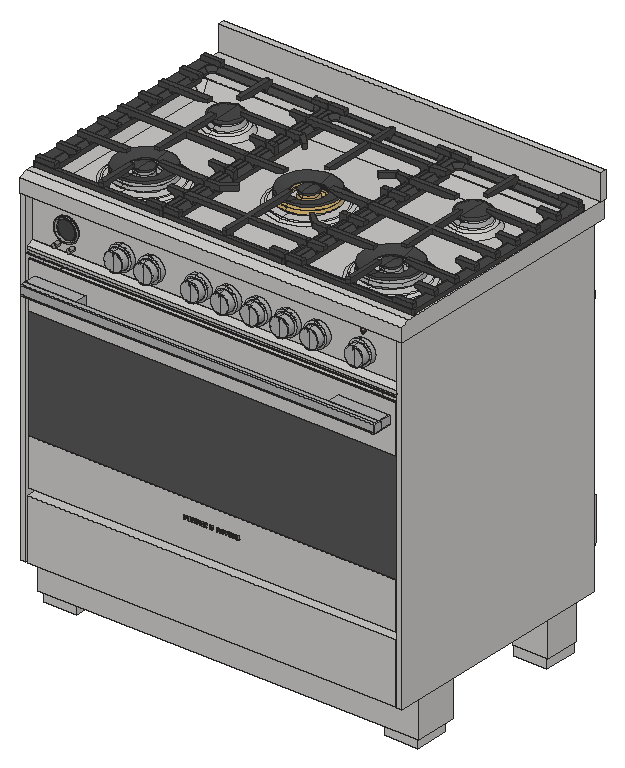
Revit family "FP_Revit_18_OR90SDG6X1_Range_90001043A", category Specialty Equipment, Revit 2018 (continued)
Definition of nested family "F&P Burner Dual Wok"
  Forms (mm)
    Revolve 2, solid, material <- "Material - Burners & Trivets", detail levels fine
      sketch origin (0, 0, 0) x (0, 1, 0) y (0, 0, 1)
        loop
          line (64.958, 44.616) -> (36.353, 36.951) -> (36.353, 34.652) -> (61.561, 40.01) -> (63.997, 40.01) -> (66.045, 40.559) -> (64.958, 44.616)
        loop
          line (0, 45.115) -> (0, 39.67) -> (21.2, 39.67) -> (21.2, 42.433)
          arc (21.2, 42.433) -> (10.684, 44.442) -> (0, 45.115) r 85.151
        axis (0, 45.115) -> (0, 34.652)
      angle from 0 to 360
    Extrusion 3, void
      sketch origin (0, 0, 0) x (1, 0, 0) y (0, 1, 0)
        loop
          arc (-31.085, 20.785) -> (-37.341, -1.988) -> (-28.703, -23.968) r 37.394
          line (-28.703, -23.968) -> (-19.571, -8.151)
          arc (-19.571, -8.151) -> (-20.975, 3.077) -> (-16.404, 13.429) r 21.2
          line (-16.404, 13.429) -> (-16.404, 15.447)
          arc (-16.404, 15.447) -> (-17.093, 17.364) -> (-18.844, 18.406) r 3.015
          line (-18.844, 18.406) -> (-31.085, 20.785)
        loop
          arc (-20.415, -31.33) -> (0, -37.394) -> (20.415, -31.33) r 37.394
          line (20.415, -31.33) -> (12.297, -17.269)
          arc (12.297, -17.269) -> (0, -21.2) -> (-12.297, -17.269) r 21.2
          line (-12.297, -17.269) -> (-20.415, -31.33)
        loop
          line (31.085, 20.785) -> (18.844, 18.406)
          arc (18.844, 18.406) -> (17.093, 17.364) -> (16.404, 15.447) r 3.015
          line (16.404, 15.447) -> (16.404, 13.429)
          arc (16.404, 13.429) -> (20.975, 3.077) -> (19.571, -8.151) r 21.2
          line (19.571, -8.151) -> (28.703, -23.968)
          arc (28.703, -23.968) -> (37.341, -1.988) -> (31.085, 20.785) r 37.394
      from 19.121 to 23.2
    Revolve 4, solid, material <- "Material - Burners & Trivets", detail levels coarse+medium
      sketch origin (0, 0, 0) x (0, 1, 0) y (0, 0, 1)
        loop
          line (-67.134, 45.199) -> (-67.134, 23.2) -> (-36.35, 23.2) -> (-36.35, 36.951) -> (-67.134, 45.199)
        loop
          line (-21.2, 42.433) -> (-21.2, 23.2) -> (0, 23.2) -> (0, 42.433) -> (-21.2, 42.433)
        axis (0, 45.199) -> (0, 23.2)
      angle from 0 to 360
  Cuts and joins
    Extrusion 3 cuts Revolve 2
    Extrusion 3 cuts Revolve 1
  Dimensions and locks
    aligned and locked: level to plane 2
Definition of nested family "F&P Burner Semi Rapid"
  Parameters (values of type "F&P Burner Semi Rapid")
    URL = "www.fisherpaykel.com"
    Material - Burners & Trivets = none
    Material - Body = none
    Manufacturer = "Fisher & Paykel Appliances"
  Reference planes
    plane 1 "Center (Front/Back)": y = 0
    plane 2: z = 0
    plane 3 "Center (Left/Right)": x = 0
  Forms (mm)
    Revolve 1, solid, material <- "Material - Burners & Trivets", detail levels fine
      sketch origin (0, 0, 0) x (0, 1, 0) y (0, 0, 1)
        loop
          line (0, 18.4) -> (0, 21.9) -> (-34.1, 21.9)
          arc (-34.1, 21.9) -> (-36.575, 20.875) -> (-37.6, 18.4) r 3.5
          line (-37.6, 18.4) -> (0, 18.4)
        axis (0, 21.9) -> (0, 18.4)
      angle from 0 to 360
    Revolve 2, solid, material <- "Material - Body", detail levels fine
      sketch origin (0, 0, 0) x (0, 1, 0) y (0, 0, 1)
        loop
          line (0, 18.4) -> (-31, 18.4) -> (-33.046, 11.4) -> (-35, 11.4) -> (-38, 3) -> (0, 3) -> (0, 18.4)
        axis (0, 18.4) -> (0, 3)
      angle from 0 to 360
    Extrusion 3, solid, material <- "Material - Burners & Trivets", detail levels coarse+medium
      sketch origin (0, 0, 0) x (1, 0, 0) y (0, 1, 0)
        loop
          circle (0, 0) r 38
      from 0 to 22
  Dimensions and locks
    aligned and locked: level to plane 2
Definition of nested family "F&P Dial Range Contemporary"
  Parameters (values of type "F&P Dial Range Contemporary")
    URL = "www.fisherpaykel.com"
    Material - Buttons and Dials = none
    Manufacturer = "Fisher & Paykel Appliances"
  Reference planes
    plane 1 "Center (Front/Back)": y = 0
    plane 2: z = 0
    plane 3 "Center (Left/Right)": x = 0
  Forms (mm)
    Revolve 1, solid, material <- "Material - Buttons and Dials", detail levels fine
      sketch origin (0, 0, 0) x (0, 1, 0) y (0, 0, 1)
        loop
          line (0, 0) -> (0, 27.732) -> (-10.5, 27.732) -> (-13, 24.291) -> (-13, 22) -> (-29.2, 22) -> (-30, 21.2) -> (-30, 0) -> (0, 0)
        axis (0, 0) -> (-30, 0)
      angle from 0 to 360
    Revolve 2, solid, material <- "Material - Buttons and Dials", detail levels coarse+medium
      sketch origin (0, 0, 0) x (0, 1, 0) y (0, 0, 1)
        loop
          line (-30, 0) -> (0, 0) -> (0, 27.732) -> (-13, 27.732) -> (-13, 22) -> (-30, 22) -> (-30, 0)
        axis (0, 0) -> (-30, 0)
      angle from 0 to 360
    Extrusion 3, void
      sketch origin (0, 0, 0) x (1, 0, 0) y (0, 1, 0)
        loop
          line (-1, -6) -> (-1, -13) -> (1, -13) -> (1, -6)
          arc (1, -6) -> (0, -5) -> (-1, -6) r 1
      from 27 to 28
    Extrusion 4, void
      sketch origin (0, 0, 0) x (1, 0, 0) y (0, 0, 1)
        loop
          line (-1, 19) -> (-1, 16)
          arc (-1, 16) -> (0, 15) -> (1, 16) r 1
          line (1, 16) -> (1, 19)
          arc (1, 19) -> (0, 20) -> (-1, 19) r 1
      from 29.2 to 30
  Cuts and joins
    Extrusion 3, Extrusion 4 cuts Revolve 1
  Dimensions and locks
    aligned and locked: level to plane 2
Definition of nested family "F&P Clock TFT Range"
  Parameters (values of type "F&P Clock TFT Range")
    URL = "www.fisherpaykel.com"
    Material - Display Panel = none
    Material - Buttons and Dials = none
    Manufacturer = "Fisher & Paykel Appliances"
  Reference planes
    plane 1 "Center (Front/Back)": y = 0
    plane 2: z = 0
    plane 3 "Center (Left/Right)": x = 0
  Forms (mm)
    Revolve 1, solid, material <- "Material - Buttons and Dials", detail levels fine
      sketch origin (0, 0, 0) x (0, 1, 0) y (0, 0, 1)
        loop
          line (0, 21.7) -> (0, 28.597) -> (-1.4, 28.597) -> (-1.4, 27.601) -> (-5.698, 26.843) -> (-5.698, 25.224) -> (-2.5, 21.7) -> (0, 21.7)
        axis (0, 0) -> (-5.698, 0)
      angle from 0 to 360
    Extrusion 2, solid, material <- "Material - Display Panel"
      sketch origin (0, 0, 0) x (1, 0, 0) y (0, 0, 1)
        loop
          circle (0, 0) r 21.7
      from 0 to 1.4
    Extrusion 3, solid, material <- "Material - Buttons and Dials", detail levels fine
      sketch origin (0, 0, 0) x (1, 0, 0) y (0, 0, 1)
        loop
          circle (-17, -33.5) r 2.5
        loop
          circle (17, -33.5) r 2.5
      from 0 to 4.3
    Extrusion 4, solid, material <- "Material - Buttons and Dials"
      sketch origin (0, 0, 0) x (1, 0, 0) y (0, 0, 1)
        loop
          circle (-17, -33.5) r 4.601
        loop
          circle (17, -33.5) r 4.601
      from 4.3 to 16.3
    Extrusion 5, solid, material <- "Material - Buttons and Dials", detail levels coarse+medium
      sketch origin (0, 0, 0) x (1, 0, 0) y (0, 0, 1)
        loop
          circle (0, 0) r 21.7
        loop
          circle (0, 0) r 26.843
      from 0 to 5.698
  Dimensions and locks
    aligned and locked: level to plane 2
Definition of nested family "F&P Trivet Range Classic 90"
  Parameters (values of type "F&P Trivet Range Classic 90")
    URL = "www.fisherpaykel.com"
    Material - Burners & Trivets = none
    Manufacturer = "Fisher & Paykel Appliances"
  Reference planes
    plane 1 "Center (Front/Back)": y = 0
    plane 2: z = 0
    plane 3 "Center (Left/Right)": x = 0
  Forms (mm)
    Extrusion 1, solid, material <- "Material - Burners & Trivets", detail levels medium+fine
      sketch origin (0, 0, 0) x (1, 0, 0) y (0, 1, 0)
        loop
          arc (-298.9, 251.75) -> (-301.728, 250.578) -> (-302.9, 247.75) r 4
          line (-302.9, 247.75) -> (-302.9, -247.75)
          arc (-302.9, -247.75) -> (-301.728, -250.578) -> (-298.9, -251.75) r 4
          line (-298.9, -251.75) -> (-4.9, -251.75)
          arc (-4.9, -251.75) -> (-2.072, -250.578) -> (-0.9, -247.75) r 4
          line (-0.9, -247.75) -> (-0.9, 247.75)
          arc (-0.9, 247.75) -> (-2.072, 250.578) -> (-4.9, 251.75) r 4
          line (-4.9, 251.75) -> (-298.9, 251.75)
        loop
          arc (-31.7, -241.25) -> (-17.558, -235.392) -> (-11.7, -221.25) r 20
          line (-11.7, -221.25) -> (-11.7, 221.25)
          arc (-11.7, 221.25) -> (-17.558, 235.392) -> (-31.7, 241.25) r 20
          line (-31.7, 241.25) -> (-259.31, 241.25)
          arc (-259.31, 241.25) -> (-273.452, 235.392) -> (-279.31, 221.25) r 20
          line (-279.31, 221.25) -> (-279.31, -221.25)
          arc (-279.31, -221.25) -> (-273.452, -235.392) -> (-259.31, -241.25) r 20
          line (-259.31, -241.25) -> (-31.7, -241.25)
      from 9.493 to 19
    Sweep 2, solid, material <- "Material - Burners & Trivets", detail levels medium+fine
      path in 3D
        loop
          arc (-279.31, 221.25, 19) -> (-273.452, 235.392, 19) -> (-259.31, 241.25, 19) r 20
          line (-259.31, 241.25, 19) -> (-31.7, 241.25, 19)
          arc (-31.7, 241.25, 19) -> (-17.558, 235.392, 19) -> (-11.7, 221.25, 19) r 20
          line (-11.7, 221.25, 19) -> (-11.7, -221.25, 19)
          arc (-11.7, -221.25, 19) -> (-17.558, -235.392, 19) -> (-31.7, -241.25, 19) r 20
          line (-31.7, -241.25, 19) -> (-259.31, -241.25, 19)
          arc (-259.31, -241.25, 19) -> (-273.452, -235.392, 19) -> (-279.31, -221.25, 19) r 20
          line (-279.31, -221.25, 19) -> (-279.31, 221.25, 19)
      profile origin (-279.31, 0, 19) x (-1, 0, 0) y (0, 0, 1)
        loop
          line (0, 0) -> (-10.55, -9.507) -> (-10.55, -19) -> (0, -19) -> (0, 0)
    Extrusion 3, solid, material <- "Material - Burners & Trivets", detail levels medium+fine
      sketch origin (0, 0, 0) x (1, 0, 0) y (0, 0, 1)
        loop
          line (-298.89, 19) -> (-279.31, 19) -> (-268.76, 9.493) -> (-268.76, 13.504)
          arc (-268.76, 13.504) -> (-267.798, 16.453) -> (-265.283, 18.267) r 5
          line (-265.283, 18.267) -> (-252.67, 22.3) -> (-252.67, 27.3)
          arc (-252.67, 27.3) -> (-253.549, 29.421) -> (-255.67, 30.3) r 3
          line (-255.67, 30.3) -> (-295.89, 30.3)
          arc (-295.89, 30.3) -> (-298.011, 29.421) -> (-298.89, 27.3) r 3
          line (-298.89, 27.3) -> (-298.89, 19)
        loop
          line (-0.9, 19) -> (-0.9, 27.3)
          arc (-0.9, 27.3) -> (-1.779, 29.421) -> (-3.9, 30.3) r 3
          line (-3.9, 30.3) -> (-38.33, 30.3) -> (-38.33, 22.298) -> (-25.717, 18.266)
          arc (-25.717, 18.266) -> (-23.202, 16.451) -> (-22.24, 13.503) r 5
          line (-22.24, 13.503) -> (-22.24, 9.507) -> (-11.705, 19) -> (-0.9, 19)
      from 174.48 to 185.18
    Extrusion 4, solid, material <- "Material - Burners & Trivets", detail levels medium+fine
      sketch origin (0, 0, 0) x (1, 0, 0) y (0, 0, 1)
        loop
          line (-252.67, 19) -> (-252.67, 27.3)
          arc (-252.67, 27.3) -> (-253.549, 29.421) -> (-255.67, 30.3) r 3
          line (-255.67, 30.3) -> (-295.89, 30.3)
          arc (-295.89, 30.3) -> (-298.011, 29.421) -> (-298.89, 27.3) r 3
          line (-298.89, 27.3) -> (-298.89, 19) -> (-252.67, 19)
        loop
          line (-0.9, 19) -> (-0.9, 27.3)
          arc (-0.9, 27.3) -> (-1.779, 29.421) -> (-3.9, 30.3) r 3
          line (-3.9, 30.3) -> (-35.33, 30.3)
          arc (-35.33, 30.3) -> (-37.451, 29.421) -> (-38.33, 27.3) r 3
          line (-38.33, 27.3) -> (-38.33, 19) -> (-0.9, 19)
      from 238.25 to 248.23
    Extrusion 5, solid, material <- "Material - Burners & Trivets", detail levels medium+fine
      sketch origin (0, 0, 0) x (1, 0, 0) y (0, 0, 1)
        loop
          line (-298.89, 19) -> (-279.31, 19) -> (-268.76, 9.493) -> (-268.76, 13.3)
          arc (-268.76, 13.3) -> (-267.296, 16.836) -> (-263.76, 18.3) r 5
          line (-263.76, 18.3) -> (-208.4, 18.3) -> (-183.4, 23.8) -> (-183.4, 30.3) -> (-295.89, 30.3)
          arc (-295.89, 30.3) -> (-298.011, 29.421) -> (-298.89, 27.3) r 3
          line (-298.89, 27.3) -> (-298.89, 19)
        loop
          line (-0.9, 19) -> (-0.9, 27.3)
          arc (-0.9, 27.3) -> (-1.779, 29.421) -> (-3.9, 30.3) r 3
          line (-3.9, 30.3) -> (-107.6, 30.3) -> (-107.6, 23.8) -> (-82.6, 18.3) -> (-27.24, 18.3)
          arc (-27.24, 18.3) -> (-23.704, 16.836) -> (-22.24, 13.3) r 5
          line (-22.24, 13.3) -> (-22.24, 9.507) -> (-11.705, 19) -> (-0.9, 19)
      from 114.52 to 125.22
    Extrusion 6, solid, material <- "Material - Burners & Trivets", detail levels medium+fine
      sketch origin (0, 0, 0) x (0, 1, 0) y (0, 0, 1)
        loop
          line (-230.721, 9.512) -> (-230.721, 14)
          arc (-230.721, 14) -> (-229.257, 17.536) -> (-225.721, 19) r 5
          line (-225.721, 19) -> (-179.278, 19) -> (-157.46, 23.8) -> (-157.46, 30.3) -> (-243.58, 30.3)
          arc (-243.58, 30.3) -> (-245.701, 29.421) -> (-246.58, 27.3) r 3
          line (-246.58, 27.3) -> (-246.58, 19) -> (-241.25, 19) -> (-230.721, 9.512)
        loop
          line (-5.82, 18.3) -> (-5.82, 30.3) -> (-82.12, 30.3) -> (-82.12, 23.8) -> (-57.12, 18.3) -> (-5.82, 18.3)
        loop
          line (230.721, 9.514) -> (241.248, 19) -> (246.58, 19) -> (246.58, 27.3)
          arc (246.58, 27.3) -> (245.701, 29.421) -> (243.58, 30.3) r 3
          line (243.58, 30.3) -> (157.46, 30.3) -> (157.46, 23.8) -> (182.46, 18.3) -> (225.721, 18.3)
          arc (225.721, 18.3) -> (229.257, 16.836) -> (230.721, 13.3) r 5
          line (230.721, 13.3) -> (230.721, 9.514)
        loop
          line (5.82, 18.3) -> (57.12, 18.3) -> (82.12, 23.8) -> (82.12, 30.3) -> (5.82, 30.3) -> (5.82, 18.3)
      from -150.604 to -140.396
    Extrusion 7, solid, material <- "Material - Burners & Trivets", detail levels medium+fine
      sketch origin (0, 0, 0) x (1, 0, 0) y (0, 0, 1)
        loop
          line (-298.89, 19) -> (-279.31, 19) -> (-268.76, 9.493) -> (-268.76, 13.3)
          arc (-268.76, 13.3) -> (-267.296, 16.836) -> (-263.76, 18.3) r 5
          line (-263.76, 18.3) -> (-27.24, 18.3)
          arc (-27.24, 18.3) -> (-23.704, 16.836) -> (-22.24, 13.3) r 5
          line (-22.24, 13.3) -> (-22.24, 9.507) -> (-11.705, 19) -> (-0.9, 19) -> (-0.9, 27.3)
          arc (-0.9, 27.3) -> (-1.779, 29.421) -> (-3.9, 30.3) r 3
          line (-3.9, 30.3) -> (-295.89, 30.3)
          arc (-295.89, 30.3) -> (-298.011, 29.421) -> (-298.89, 27.3) r 3
          line (-298.89, 27.3) -> (-298.89, 19)
      from -5.82 to 5.82
    Extrusion 8, solid, material <- "Material - Burners & Trivets", detail levels coarse
      sketch origin (0, 0, 0) x (1, 0, 0) y (0, 1, 0)
        loop
          line (-302.9, 251.75) -> (-302.9, -251.75) -> (-0.9, -251.75) -> (-0.9, 251.75) -> (-302.9, 251.75)
        loop
          line (-268.76, 230.7) -> (-268.76, -230.7) -> (-22.25, -230.7) -> (-22.25, 230.7) -> (-268.76, 230.7)
      from 9.493 to 19
    Extrusion 9, solid, detail levels coarse
      sketch origin (0, 0, 0) x (1, 0, 0) y (0, 1, 0)
        loop
          line (-150.604, 246.58) -> (-150.604, 125.22) -> (-298.89, 125.22) -> (-298.89, 114.52) -> (-150.604, 114.52) -> (-150.604, 5.82) -> (-298.89, 5.82) -> (-298.89, -5.82) -> (-150.604, -5.82) -> (-150.604, -114.52) -> (-298.89, -114.52) -> (-298.89, -125.22) -> (-150.604, -125.22) -> (-150.604, -246.58) -> (-140.396, -246.58) -> (-140.396, -125.22) -> (-0.9, -125.22) -> (-0.9, -114.52) -> (-140.396, -114.52) -> (-140.396, -5.82) -> (-0.9, -5.82) -> (-0.9, 5.82) -> (-140.396, 5.82) -> (-140.396, 114.52) -> (-0.9, 114.52) -> (-0.9, 125.22) -> (-140.396, 125.22) -> (-140.396, 246.58) -> (-150.604, 246.58)
      from 19 to 30.3
    Extrusion 10, solid, material <- "Material - Burners & Trivets", detail levels medium+fine
      sketch origin (0, -239.74, 0) x (1, 0, 0) y (0, 0, -1)
        loop
          line (-298.89, -19) -> (-298.89, -27.3)
          arc (-298.89, -27.3) -> (-298.011, -29.421) -> (-295.89, -30.3) r 3
          line (-295.89, -30.3) -> (-255.67, -30.3)
          arc (-255.67, -30.3) -> (-253.549, -29.421) -> (-252.67, -27.3) r 3
          line (-252.67, -27.3) -> (-252.67, -22.3) -> (-265.283, -18.267)
          arc (-265.283, -18.267) -> (-267.798, -16.453) -> (-268.76, -13.504) r 5
          line (-268.76, -13.504) -> (-268.76, -9.493) -> (-279.31, -19) -> (-298.89, -19)
        loop
          line (-0.9, -19) -> (-11.705, -19) -> (-22.24, -9.507) -> (-22.24, -13.503)
          arc (-22.24, -13.503) -> (-23.202, -16.451) -> (-25.717, -18.266) r 5
          line (-25.717, -18.266) -> (-38.33, -22.298) -> (-38.33, -30.3) -> (-3.9, -30.3)
          arc (-3.9, -30.3) -> (-1.779, -29.421) -> (-0.9, -27.3) r 3
          line (-0.9, -27.3) -> (-0.9, -19)
      from 174.48 to 185.18
    Extrusion 11, solid, material <- "Material - Burners & Trivets", detail levels medium+fine
      sketch origin (0, 239.74, 0) x (1, 0, 0) y (0, 0, 1)
        loop
          line (-298.89, 19) -> (-279.31, 19) -> (-268.76, 9.493) -> (-268.76, 13.504)
          arc (-268.76, 13.504) -> (-267.798, 16.453) -> (-265.283, 18.267) r 5
          line (-265.283, 18.267) -> (-252.67, 22.3) -> (-252.67, 27.3)
          arc (-252.67, 27.3) -> (-253.549, 29.421) -> (-255.67, 30.3) r 3
          line (-255.67, 30.3) -> (-295.89, 30.3)
          arc (-295.89, 30.3) -> (-298.011, 29.421) -> (-298.89, 27.3) r 3
          line (-298.89, 27.3) -> (-298.89, 19)
        loop
          line (-0.9, 19) -> (-0.9, 27.3)
          arc (-0.9, 27.3) -> (-1.779, 29.421) -> (-3.9, 30.3) r 3
          line (-3.9, 30.3) -> (-38.33, 30.3) -> (-38.33, 22.298) -> (-25.717, 18.266)
          arc (-25.717, 18.266) -> (-23.202, 16.451) -> (-22.24, 13.503) r 5
          line (-22.24, 13.503) -> (-22.24, 9.507) -> (-11.705, 19) -> (-0.9, 19)
      from 174.48 to 185.18
    Extrusion 12, solid, material <- "Material - Burners & Trivets", detail levels medium+fine
      sketch origin (0, 0, 0) x (1, 0, 0) y (0, 0, -1)
        loop
          line (-298.89, -19) -> (-298.89, -27.3)
          arc (-298.89, -27.3) -> (-298.011, -29.421) -> (-295.89, -30.3) r 3
          line (-295.89, -30.3) -> (-255.67, -30.3)
          arc (-255.67, -30.3) -> (-253.549, -29.421) -> (-252.67, -27.3) r 3
          line (-252.67, -27.3) -> (-252.67, -22.3) -> (-265.283, -18.267)
          arc (-265.283, -18.267) -> (-267.798, -16.453) -> (-268.76, -13.504) r 5
          line (-268.76, -13.504) -> (-268.76, -9.493) -> (-279.31, -19) -> (-298.89, -19)
        loop
          line (-0.9, -19) -> (-11.705, -19) -> (-22.24, -9.507) -> (-22.24, -13.503)
          arc (-22.24, -13.503) -> (-23.202, -16.451) -> (-25.717, -18.266) r 5
          line (-25.717, -18.266) -> (-38.33, -22.298) -> (-38.33, -30.3) -> (-3.9, -30.3)
          arc (-3.9, -30.3) -> (-1.779, -29.421) -> (-0.9, -27.3) r 3
          line (-0.9, -27.3) -> (-0.9, -19)
      from 174.48 to 185.18
    Extrusion 13, solid, material <- "Material - Burners & Trivets", detail levels medium+fine
      sketch origin (0, 0, 0) x (1, 0, 0) y (0, 0, -1)
        loop
          line (-298.89, -19) -> (-298.89, -27.3)
          arc (-298.89, -27.3) -> (-298.011, -29.421) -> (-295.89, -30.3) r 3
          line (-295.89, -30.3) -> (-183.4, -30.3) -> (-183.4, -23.8) -> (-208.4, -18.3) -> (-263.76, -18.3)
          arc (-263.76, -18.3) -> (-267.296, -16.836) -> (-268.76, -13.3) r 5
          line (-268.76, -13.3) -> (-268.76, -9.493) -> (-279.31, -19) -> (-298.89, -19)
        loop
          line (-0.9, -19) -> (-11.705, -19) -> (-22.24, -9.507) -> (-22.24, -13.3)
          arc (-22.24, -13.3) -> (-23.704, -16.836) -> (-27.24, -18.3) r 5
          line (-27.24, -18.3) -> (-82.6, -18.3) -> (-107.6, -23.8) -> (-107.6, -30.3) -> (-3.9, -30.3)
          arc (-3.9, -30.3) -> (-1.779, -29.421) -> (-0.9, -27.3) r 3
          line (-0.9, -27.3) -> (-0.9, -19)
      from 114.52 to 125.22
    Extrusion 14, solid, material <- "Material - Burners & Trivets", detail levels medium+fine
      sketch origin (0, 0, 0) x (1, 0, 0) y (0, 0, -1)
        loop
          line (-252.67, -19) -> (-298.89, -19) -> (-298.89, -27.3)
          arc (-298.89, -27.3) -> (-298.011, -29.421) -> (-295.89, -30.3) r 3
          line (-295.89, -30.3) -> (-255.67, -30.3)
          arc (-255.67, -30.3) -> (-253.549, -29.421) -> (-252.67, -27.3) r 3
          line (-252.67, -27.3) -> (-252.67, -19)
        loop
          line (-0.9, -19) -> (-38.33, -19) -> (-38.33, -27.3)
          arc (-38.33, -27.3) -> (-37.451, -29.421) -> (-35.33, -30.3) r 3
          line (-35.33, -30.3) -> (-3.9, -30.3)
          arc (-3.9, -30.3) -> (-1.779, -29.421) -> (-0.9, -27.3) r 3
          line (-0.9, -27.3) -> (-0.9, -19)
      from 238.25 to 248.23
  Cuts and joins
    joined: Extrusion 6, Extrusion 7
  Lines and regions (mm)
    sketch lines
      curve 1: line (-279.31, -221.25, 19) -> (-279.31, 221.25, 19)
      curve 2: arc (-279.31, -221.25, 19) -> (-273.452, -235.392, 19) -> (-259.31, -241.25, 19) r 20
      curve 3: line (-31.7, -241.25, 19) -> (-259.31, -241.25, 19)
      curve 4: line (-11.7, 221.25, 19) -> (-11.7, -221.25, 19)
      curve 5: arc (-31.7, -241.25, 19) -> (-17.558, -235.392, 19) -> (-11.7, -221.25, 19) r 20
      curve 6: arc (-11.7, 221.25, 19) -> (-17.558, 235.392, 19) -> (-31.7, 241.25, 19) r 20
      curve 7: line (-259.31, 241.25, 19) -> (-31.7, 241.25, 19)
      curve 8: arc (-259.31, 241.25, 19) -> (-273.452, 235.392, 19) -> (-279.31, 221.25, 19) r 20
  Dimensions and locks
    aligned and locked: level to plane 2
Definition of nested family "F&P Trivet Range Classic Centre 90"
  Parameters (values of type "F&P Trivet Range Classic Centre 90")
    URL = "www.fisherpaykel.com"
    Material - Burners & Trivets = none
    Manufacturer = "Fisher & Paykel Appliances"
  Reference planes
    plane 1 "Center (Front/Back)": y = 0
    plane 2: z = 0
    plane 3 "Center (Left/Right)": x = 0
  Forms (mm)
    Extrusion 1, solid, material <- "Material - Burners & Trivets", detail levels medium+fine
      sketch origin (0, 0, 0) x (1, 0, 0) y (0, 1, 0)
        loop
          arc (-139, 251.75) -> (-141.828, 250.578) -> (-143, 247.75) r 4
          line (-143, 247.75) -> (-143, -247.75)
          arc (-143, -247.75) -> (-141.828, -250.578) -> (-139, -251.75) r 4
          line (-139, -251.75) -> (139, -251.75)
          arc (139, -251.75) -> (141.828, -250.578) -> (143, -247.75) r 4
          line (143, -247.75) -> (143, 247.75)
          arc (143, 247.75) -> (141.828, 250.578) -> (139, 251.75) r 4
          line (139, 251.75) -> (-139, 251.75)
        loop
          arc (115.32, -241.25) -> (129.462, -235.392) -> (135.32, -221.25) r 20
          line (135.32, -221.25) -> (135.32, 221.25)
          arc (135.32, 221.25) -> (129.462, 235.392) -> (115.32, 241.25) r 20
          line (115.32, 241.25) -> (-115.23, 241.25)
          arc (-115.23, 241.25) -> (-129.372, 235.392) -> (-135.23, 221.25) r 20
          line (-135.23, 221.25) -> (-135.23, -221.25)
          arc (-135.23, -221.25) -> (-129.372, -235.392) -> (-115.23, -241.25) r 20
          line (-115.23, -241.25) -> (115.32, -241.25)
      from 9.493 to 19
    Sweep 2, solid, material <- "Material - Burners & Trivets", detail levels medium+fine
      path in 3D
        loop
          arc (-135.23, 221.25, 19) -> (-129.372, 235.392, 19) -> (-115.23, 241.25, 19) r 20
          line (-115.23, 241.25, 19) -> (115.32, 241.25, 19)
          arc (115.32, 241.25, 19) -> (129.462, 235.392, 19) -> (135.32, 221.25, 19) r 20
          line (135.32, 221.25, 19) -> (135.32, -221.25, 19)
          arc (135.32, -221.25, 19) -> (129.462, -235.392, 19) -> (115.32, -241.25, 19) r 20
          line (115.32, -241.25, 19) -> (-115.23, -241.25, 19)
          arc (-115.23, -241.25, 19) -> (-129.372, -235.392, 19) -> (-135.23, -221.25, 19) r 20
          line (-135.23, -221.25, 19) -> (-135.23, 221.25, 19)
      profile origin (-135.23, 0, 19) x (-1, 0, 0) y (0, 0, 1)
        loop
          line (0, 0) -> (-10.55, -9.507) -> (-10.55, -19) -> (0, -19) -> (0, 0)
    Extrusion 3, solid, material <- "Material - Burners & Trivets", detail levels medium+fine
      sketch origin (0, 0, 0) x (1, 0, 0) y (0, 0, 1)
        loop
          line (-143, 19) -> (-135.23, 19) -> (-124.671, 9.484) -> (-124.671, 27.3)
          arc (-124.671, 27.3) -> (-125.549, 29.421) -> (-127.671, 30.3) r 3
          line (-127.671, 30.3) -> (-140, 30.3)
          arc (-140, 30.3) -> (-142.121, 29.421) -> (-143, 27.3) r 3
          line (-143, 27.3) -> (-143, 19)
        loop
          line (143, 19) -> (143, 27.3)
          arc (143, 27.3) -> (142.121, 29.421) -> (140, 30.3) r 3
          line (140, 30.3) -> (127.77, 30.3)
          arc (127.77, 30.3) -> (125.649, 29.421) -> (124.77, 27.3) r 3
          line (124.77, 27.3) -> (124.77, 9.493) -> (135.32, 19) -> (143, 19)
      from 54.96 to 65.66
    Extrusion 4, solid, material <- "Material - Burners & Trivets", detail levels medium+fine
      sketch origin (0, 0, 0) x (1, 0, 0) y (0, 0, 1)
        loop
          line (-106.97, 19) -> (-106.97, 27.3)
          arc (-106.97, 27.3) -> (-107.849, 29.421) -> (-109.97, 30.3) r 3
          line (-109.97, 30.3) -> (-140, 30.3)
          arc (-140, 30.3) -> (-142.121, 29.421) -> (-143, 27.3) r 3
          line (-143, 27.3) -> (-143, 19) -> (-106.97, 19)
        loop
          line (143, 19) -> (143, 27.3)
          arc (143, 27.3) -> (142.121, 29.421) -> (140, 30.3) r 3
          line (140, 30.3) -> (109.97, 30.3)
          arc (109.97, 30.3) -> (107.849, 29.421) -> (106.97, 27.3) r 3
          line (106.97, 27.3) -> (106.97, 19) -> (143, 19)
      from 238.25 to 248.23
    Extrusion 5, solid, material <- "Material - Burners & Trivets", detail levels medium+fine
      sketch origin (0, 0, 0) x (1, 0, 0) y (0, 0, 1)
        loop
          line (-143, 19) -> (-135.23, 19) -> (-124.671, 9.484) -> (-124.671, 14)
          arc (-124.671, 14) -> (-123.206, 17.536) -> (-119.671, 19) r 5
          line (-119.671, 19) -> (-73.203, 19) -> (-54.5, 24.611) -> (-54.5, 30.3) -> (-140, 30.3)
          arc (-140, 30.3) -> (-142.121, 29.421) -> (-143, 27.3) r 3
          line (-143, 27.3) -> (-143, 19)
        loop
          line (143, 19) -> (143, 27.3)
          arc (143, 27.3) -> (142.121, 29.421) -> (140, 30.3) r 3
          line (140, 30.3) -> (54.5, 30.3) -> (54.5, 24.201) -> (71.837, 19) -> (119.77, 19)
          arc (119.77, 19) -> (123.306, 17.536) -> (124.77, 14) r 5
          line (124.77, 14) -> (124.77, 9.493) -> (135.32, 19) -> (143, 19)
      from -5.82 to 5.82
    Extrusion 6, solid, material <- "Material - Burners & Trivets", detail levels medium+fine
      sketch origin (0, 0, 0) x (0, 1, 0) y (0, 0, 1)
        loop
          line (-230.721, 9.512) -> (-230.721, 14)
          arc (-230.721, 14) -> (-229.257, 17.536) -> (-225.721, 19) r 5
          line (-225.721, 19) -> (-185.18, 19) -> (-185.18, 30.288) -> (-243.58, 30.288)
          arc (-243.58, 30.288) -> (-245.701, 29.409) -> (-246.58, 27.288) r 3
          line (-246.58, 27.288) -> (-246.58, 19) -> (-241.25, 19) -> (-230.721, 9.512)
        loop
          line (-54.96, 24.638) -> (-54.96, 30.288) -> (-174.48, 30.288) -> (-174.48, 19) -> (-73.63, 19) -> (-54.96, 24.638)
        loop
          line (230.721, 9.514) -> (241.248, 19) -> (246.58, 19) -> (246.58, 27.288)
          arc (246.58, 27.288) -> (245.701, 29.409) -> (243.58, 30.288) r 3
          line (243.58, 30.288) -> (185.18, 30.288) -> (185.18, 19) -> (225.721, 19)
          arc (225.721, 19) -> (229.257, 17.536) -> (230.721, 14) r 5
          line (230.721, 14) -> (230.721, 9.514)
        loop
          line (54.96, 30.288) -> (54.96, 24.638) -> (73.63, 19) -> (174.48, 19) -> (174.48, 30.288) -> (54.96, 30.288)
      from -5.104 to 5.104
    Extrusion 7, solid, material <- "Material - Burners & Trivets", detail levels medium+fine
      sketch origin (0, 0, 0) x (1, 0, 0) y (0, 0, 1)
        loop
          line (-143, 19) -> (-135.23, 19) -> (-124.671, 9.484) -> (-124.671, 14)
          arc (-124.671, 14) -> (-123.206, 17.536) -> (-119.671, 19) r 5
          line (-119.671, 19) -> (-112.17, 19) -> (-112.17, 30.3) -> (-140, 30.3)
          arc (-140, 30.3) -> (-142.121, 29.421) -> (-143, 27.3) r 3
          line (-143, 27.3) -> (-143, 19)
        loop
          line (140, 30.3) -> (112.17, 30.3) -> (112.17, 19) -> (119.77, 19)
          arc (119.77, 19) -> (123.306, 17.536) -> (124.77, 14) r 5
          line (124.77, 14) -> (124.77, 9.493) -> (135.32, 19) -> (143, 19) -> (143, 27.3)
          arc (143, 27.3) -> (142.121, 29.421) -> (140, 30.3) r 3
      from 114.52 to 125.22
    Extrusion 8, solid, material <- "Material - Burners & Trivets", detail levels coarse
      sketch origin (0, 0, 0) x (1, 0, 0) y (0, 1, 0)
        loop
          line (-143, 251.75) -> (-143, -251.75) -> (143, -251.75) -> (143, 251.75) -> (-143, 251.75)
        loop
          line (-124.671, 230.7) -> (-124.671, -230.7) -> (124.77, -230.7) -> (124.77, 230.7) -> (-124.671, 230.7)
      from 9.493 to 19
    Extrusion 9, solid, material <- "Material - Burners & Trivets", detail levels medium+fine
      sketch origin (0, 0, 0) x (1, 0, 0) y (0, 0, 1)
        loop
          line (-143, 19) -> (-135.23, 19) -> (-124.671, 9.484) -> (-124.671, 14)
          arc (-124.671, 14) -> (-123.206, 17.536) -> (-119.671, 19) r 5
          line (-119.671, 19) -> (119.77, 19)
          arc (119.77, 19) -> (123.306, 17.536) -> (124.77, 14) r 5
          line (124.77, 14) -> (124.77, 9.493) -> (135.32, 19) -> (143, 19) -> (143, 27.3)
          arc (143, 27.3) -> (142.121, 29.421) -> (140, 30.3) r 3
          line (140, 30.3) -> (-140, 30.3)
          arc (-140, 30.3) -> (-142.121, 29.421) -> (-143, 27.3) r 3
          line (-143, 27.3) -> (-143, 19)
      from 174.48 to 185.18
    Extrusion 10, solid, material <- "Material - Burners & Trivets", detail levels medium+fine
      sketch origin (0, 0, 0) x (1, 0, 0) y (0, 1, 0)
        loop
          line (-112.17, -114.52) -> (-112.17, -125.22) -> (-108.846, -125.22) -> (-83.515, -99.889) -> (-88.797, -94.607) -> (-112.17, -114.52)
        loop
          line (112.17, -114.52) -> (88.797, -94.607) -> (83.515, -99.889) -> (108.846, -125.22) -> (112.17, -125.22) -> (112.17, -114.52)
      from 19 to 30.3
    Extrusion 11, solid, material <- "Material - Burners & Trivets", detail levels medium+fine
      sketch origin (0, 0, 0) x (1, 0, 0) y (0, 0, -1)
        loop
          line (-143, -19) -> (-143, -27.3)
          arc (-143, -27.3) -> (-142.121, -29.421) -> (-140, -30.3) r 3
          line (-140, -30.3) -> (-127.671, -30.3)
          arc (-127.671, -30.3) -> (-125.549, -29.421) -> (-124.671, -27.3) r 3
          line (-124.671, -27.3) -> (-124.671, -9.484) -> (-135.23, -19) -> (-143, -19)
        loop
          line (143, -19) -> (135.32, -19) -> (124.77, -9.493) -> (124.77, -27.3)
          arc (124.77, -27.3) -> (125.649, -29.421) -> (127.77, -30.3) r 3
          line (127.77, -30.3) -> (140, -30.3)
          arc (140, -30.3) -> (142.121, -29.421) -> (143, -27.3) r 3
          line (143, -27.3) -> (143, -19)
      from 54.96 to 65.66
    Extrusion 12, solid, material <- "Material - Burners & Trivets", detail levels medium+fine
      sketch origin (0, 0, 0) x (1, 0, 0) y (0, 0, -1)
        loop
          line (-106.97, -19) -> (-143, -19) -> (-143, -27.3)
          arc (-143, -27.3) -> (-142.121, -29.421) -> (-140, -30.3) r 3
          line (-140, -30.3) -> (-109.97, -30.3)
          arc (-109.97, -30.3) -> (-107.849, -29.421) -> (-106.97, -27.3) r 3
          line (-106.97, -27.3) -> (-106.97, -19)
        loop
          line (143, -19) -> (106.97, -19) -> (106.97, -27.3)
          arc (106.97, -27.3) -> (107.849, -29.421) -> (109.97, -30.3) r 3
          line (109.97, -30.3) -> (140, -30.3)
          arc (140, -30.3) -> (142.121, -29.421) -> (143, -27.3) r 3
          line (143, -27.3) -> (143, -19)
      from 238.25 to 248.23
    Extrusion 13, solid, material <- "Material - Burners & Trivets", detail levels medium+fine
      sketch origin (0, 0, 0) x (1, 0, 0) y (0, 0, -1)
        loop
          line (-143, -19) -> (-143, -27.3)
          arc (-143, -27.3) -> (-142.121, -29.421) -> (-140, -30.3) r 3
          line (-140, -30.3) -> (-112.17, -30.3) -> (-112.17, -19) -> (-119.671, -19)
          arc (-119.671, -19) -> (-123.206, -17.536) -> (-124.671, -14) r 5
          line (-124.671, -14) -> (-124.671, -9.484) -> (-135.23, -19) -> (-143, -19)
        loop
          arc (140, -30.3) -> (142.121, -29.421) -> (143, -27.3) r 3
          line (143, -27.3) -> (143, -19) -> (135.32, -19) -> (124.77, -9.493) -> (124.77, -14)
          arc (124.77, -14) -> (123.306, -17.536) -> (119.77, -19) r 5
          line (119.77, -19) -> (112.17, -19) -> (112.17, -30.3) -> (140, -30.3)
      from 114.52 to 125.22
    Extrusion 14, solid, material <- "Material - Burners & Trivets", detail levels medium+fine
      sketch origin (0, 0, 0) x (1, 0, 0) y (0, 0, -1)
        loop
          line (-143, -19) -> (-143, -27.3)
          arc (-143, -27.3) -> (-142.121, -29.421) -> (-140, -30.3) r 3
          line (-140, -30.3) -> (140, -30.3)
          arc (140, -30.3) -> (142.121, -29.421) -> (143, -27.3) r 3
          line (143, -27.3) -> (143, -19) -> (135.32, -19) -> (124.77, -9.493) -> (124.77, -14)
          arc (124.77, -14) -> (123.306, -17.536) -> (119.77, -19) r 5
          line (119.77, -19) -> (-119.671, -19)
          arc (-119.671, -19) -> (-123.206, -17.536) -> (-124.671, -14) r 5
          line (-124.671, -14) -> (-124.671, -9.484) -> (-135.23, -19) -> (-143, -19)
      from 174.48 to 185.18
    Extrusion 15, solid, material <- "Material - Burners & Trivets", detail levels medium+fine
      sketch origin (0, 0, 0) x (1, 0, 0) y (0, 1, 0)
        loop
          line (-112.17, 114.52) -> (-88.797, 94.607) -> (-83.515, 99.889) -> (-108.846, 125.22) -> (-112.17, 125.22) -> (-112.17, 114.52)
        loop
          line (112.17, 114.52) -> (112.17, 125.22) -> (108.846, 125.22) -> (83.515, 99.889) -> (88.797, 94.607) -> (112.17, 114.52)
      from 19 to 30.3
    Extrusion 16, solid, material <- "Material - Burners & Trivets", detail levels coarse
      sketch origin (0, 0, 0) x (1, 0, 0) y (0, 1, 0)
        loop
          line (-5.104, 246.58) -> (-5.104, 185.18) -> (-143, 185.18) -> (-143, 174.48) -> (-5.104, 174.48) -> (-5.104, 5.82) -> (-143, 5.82) -> (-143, -5.82) -> (-5.104, -5.82) -> (-5.104, -174.48) -> (-143, -174.48) -> (-143, -185.18) -> (-5.104, -185.18) -> (-5.104, -246.58) -> (5.104, -246.58) -> (5.104, -185.18) -> (143, -185.18) -> (143, -174.48) -> (5.104, -174.48) -> (5.104, -5.82) -> (143, -5.82) -> (143, 5.82) -> (5.104, 5.82) -> (5.104, 174.48) -> (143, 174.48) -> (143, 185.18) -> (5.104, 185.18) -> (5.104, 246.58) -> (-5.104, 246.58)
      from 18.3 to 30.3
  Cuts and joins
    joined: Extrusion 6, Extrusion 7, Extrusion 9, Extrusion 10
  Lines and regions (mm)
    sketch lines
      curve 1: line (-135.23, -221.25, 19) -> (-135.23, 221.25, 19)
      curve 2: arc (-135.23, -221.25, 19) -> (-129.372, -235.392, 19) -> (-115.23, -241.25, 19) r 20
      curve 3: line (115.32, -241.25, 19) -> (-115.23, -241.25, 19)
      curve 4: line (135.32, 221.25, 19) -> (135.32, -221.25, 19)
      curve 5: arc (115.32, -241.25, 19) -> (129.462, -235.392, 19) -> (135.32, -221.25, 19) r 20
      curve 6: arc (135.32, 221.25, 19) -> (129.462, 235.392, 19) -> (115.32, 241.25, 19) r 20
      curve 7: line (-115.23, 241.25, 19) -> (115.32, 241.25, 19)
      curve 8: arc (-115.23, 241.25, 19) -> (-129.372, 235.392, 19) -> (-135.23, 221.25, 19) r 20
  Dimensions and locks
    aligned and locked: level to plane 2
Definition of nested family "F&P Handle Contemporary OR30-36"
  Parameters (values of type "30"")
    URL = "www.fisherpaykel.com"
    Product - Width = 710 mm
    Model = ""
    Material - Handle = none
    Manufacturer = "Fisher & Paykel Appliances"
    Keynote = ""
    Description = ""
  Types (3, lengths in mm): name | Product - Width
    (no name) | 710
    36" | 834
    30" | 710
  Reference planes
    plane 1 "Center (Front/Back)": y = 0
    plane 2: z = 0
    plane 3 "Center (Left/Right)": x = 0
    plane 4 "Product LHS": x = -355
    plane 5 "Product RHS": x = 355
  Forms (mm)
    Extrusion 1, solid, material <- "Material - Handle", detail levels fine
      sketch origin (0, 0, 30.1) x (0, 1, 0) y (0, 0, 1)
        loop
          arc (-25.32, 688.263) -> (-20.3, 677.063) -> (-25.32, 665.863) r 15.003
          line (-25.32, 665.863) -> (4.5, 665.863) -> (4.5, 688.263) -> (-25.32, 688.263)
      from 355 to 235
    Extrusion 2, solid, material <- "Material - Handle", detail levels fine
      sketch origin (0, 0, 30.1) x (0, 1, 0) y (0, 0, 1)
        loop
          line (-25.869, 688.563) -> (-37.028, 688.563)
          arc (-37.028, 688.563) -> (-38.776, 687.838) -> (-39.5, 686.09) r 2.472
          line (-39.5, 686.09) -> (-39.5, 668.098)
          arc (-39.5, 668.098) -> (-38.758, 666.305) -> (-36.965, 665.563) r 2.535
          line (-36.965, 665.563) -> (-25.869, 665.563)
          arc (-25.869, 665.563) -> (-20.572, 677.063) -> (-25.869, 688.563) r 15.131
      from -355 to 355
    Extrusion 3, solid, material <- "Material - Handle", detail levels fine
      sketch origin (0, 0, 30.1) x (0, 1, 0) y (0, 0, 1)
        loop
          arc (-25.32, 688.263) -> (-20.3, 677.063) -> (-25.32, 665.863) r 15.003
          line (-25.32, 665.863) -> (4.5, 665.863) -> (4.5, 688.263) -> (-25.32, 688.263)
      from -235 to -355
    Sweep 4, void
      path in 3D
        loop
          line (355, -25.869, 718.663) -> (355, -37.028, 718.663)
          arc (355, -37.028, 718.663) -> (355, -38.776, 717.938) -> (355, -39.5, 716.19) r 2.472
          line (355, -39.5, 716.19) -> (355, -39.5, 698.198)
          arc (355, -39.5, 698.198) -> (355, -38.758, 696.405) -> (355, -36.965, 695.663) r 2.535
          line (355, -36.965, 695.663) -> (355, -25.869, 695.663)
      profile origin (355, -31.449, 718.663) x (1, 0, 0) y (0, 0, 1)
        loop
          line (0, 0) -> (-2, 0) -> (0, -2) -> (0, 0)
    Extrusion 5, void
      sketch origin (0, 0, 0) x (1, 0, 0) y (0, 0, 1)
        loop
          line (353, 718.663) -> (355, 716.663) -> (355, 718.663) -> (353, 718.663)
        loop
          line (353, 695.663) -> (355, 695.663) -> (355, 697.663) -> (353, 695.663)
      from -4.5 to 25.869
    Sweep 6, void
      path in 3D
        loop
          line (-355, -25.869, 695.663) -> (-355, -36.965, 695.663)
          arc (-355, -36.965, 695.663) -> (-355, -38.758, 696.405) -> (-355, -39.5, 698.198) r 2.535
          line (-355, -39.5, 698.198) -> (-355, -39.5, 716.19)
          arc (-355, -39.5, 716.19) -> (-355, -38.776, 717.938) -> (-355, -37.028, 718.663) r 2.472
          line (-355, -37.028, 718.663) -> (-355, -25.869, 718.663)
      profile origin (-355, -31.449, 718.663) x (-1, 0, 0) y (0, 0, 1)
        loop
          line (0, 0) -> (-2, 0) -> (0, -2) -> (0, 0)
    Extrusion 7, void
      sketch origin (0, 0, 0) x (1, 0, 0) y (0, 0, 1)
        loop
          line (-353, 718.663) -> (-355, 718.663) -> (-355, 716.663) -> (-353, 718.663)
        loop
          line (-355, 697.663) -> (-355, 695.663) -> (-353, 695.663) -> (-355, 697.663)
      from -4.5 to 25.869
    Extrusion 8, solid, material <- "Material - Handle", detail levels coarse+medium
      sketch origin (0, 0, 0) x (1, 0, 0) y (0, 1, 0)
        loop
          line (355, 4.5) -> (235, 4.5) -> (235, -20.3) -> (-235, -20.3) -> (-235, 4.5) -> (-355, 4.5) -> (-355, -39.5) -> (355, -39.5) -> (355, 4.5)
      from 695.663 to 718.663
  Cuts and joins
    Sweep 4, Extrusion 5, Sweep 6, Extrusion 7 cuts Extrusion 2
    Extrusion 5 cuts Extrusion 1
    Extrusion 7 cuts Extrusion 3
  Lines and regions (mm)
    sketch lines
      curve 1: line (355, -25.869, 718.663) -> (355, -37.028, 718.663)
      curve 2: arc (355, -39.5, 716.19) -> (355, -38.776, 717.938) -> (355, -37.028, 718.663) r 2.472
      curve 3: line (355, -39.5, 716.19) -> (355, -39.5, 698.198)
      curve 4: arc (355, -36.965, 695.663) -> (355, -38.758, 696.405) -> (355, -39.5, 698.198) r 2.535
      curve 5: line (355, -36.965, 695.663) -> (355, -25.869, 695.663)
      curve 6: line (-355, -37.028, 718.663) -> (-355, -25.869, 718.663)
      curve 7: arc (-355, -37.028, 718.663) -> (-355, -38.776, 717.938) -> (-355, -39.5, 716.19) r 2.472
      curve 8: line (-355, -39.5, 698.198) -> (-355, -39.5, 716.19)
      curve 9: arc (-355, -39.5, 698.198) -> (-355, -38.758, 696.405) -> (-355, -36.965, 695.663) r 2.535
      curve 10: line (-355, -25.869, 695.663) -> (-355, -36.965, 695.663)
  Text (mm)
    text "Disclaimer:\nWe endevour to maintian the accuracy of our 3D content.\nHowever, product details are subject to change without notice.\nPlease refer to the product Data Sheets for the most current product information." at (41.04, -653.741, 0), in view "Ref. Level (Plan)"
  Dimensions and locks
    equal spacing: plane 4 "Product LHS", plane 3 "Center (Left/Right)", plane 5 "Product RHS"
    "Product - Width": plane 4 "Product LHS" to plane 5 "Product RHS"
    plane 1 "Center (Front/Back)" to Extrusion 8 = 4.5 mm
    locked: plane 4 "Product LHS" to cut or joined group of Extrusion 3, Extrusion 7 at 120
    locked: cut or joined group of Extrusion 1, Extrusion 5 to plane 5 "Product RHS" at 120
    aligned and locked: level to plane 2
    aligned and locked: Extrusion 2 to Extrusion 1
    aligned and locked: plane 4 "Product LHS" to Extrusion 3
    aligned and locked: plane 4 "Product LHS" to Extrusion 2
    aligned and locked: Extrusion 1 to plane 5 "Product RHS"
    aligned and locked: Extrusion 2 to plane 5 "Product RHS"
    aligned and locked: Extrusion 8 sketch curve to cut or joined group of Extrusion 1, Extrusion 5
    aligned and locked: Extrusion 8 sketch curve to cut or joined group of Extrusion 3, Extrusion 7
  Automatic sketch dimensions
    plane 1 "Center (Front/Back)" to Extrusion 1 sketch curve = 35.303 mm
    Extrusion 1 sketch curve to Extrusion 1 sketch curve = 9.983 mm  (x2)
    Extrusion 1 sketch curve to plane 1 "Center (Front/Back)" = 4.5 mm
    Extrusion 1 sketch curve to Extrusion 1 sketch curve = 11.2 mm
    plane 1 "Center (Front/Back)" to Extrusion 2 sketch curve = 39.5 mm
    Extrusion 2 sketch curve to Extrusion 2 sketch curve = 2.472 mm
    Extrusion 2 sketch curve to Extrusion 2 sketch curve = 2.535 mm
    Extrusion 2 sketch curve to Extrusion 2 sketch curve = 1.262 mm
    Extrusion 2 sketch curve to Extrusion 2 sketch curve = 11.159 mm
    Extrusion 2 sketch curve to Extrusion 2 sketch curve = 11.096 mm
    Extrusion 2 sketch curve to Extrusion 2 sketch curve = 8.965 mm
    plane 1 "Center (Front/Back)" to Extrusion 3 sketch curve = 35.303 mm
    Extrusion 3 sketch curve to Extrusion 3 sketch curve = 9.983 mm  (x2)
    Extrusion 3 sketch curve to plane 1 "Center (Front/Back)" = 4.5 mm
    Extrusion 3 sketch curve to Extrusion 3 sketch curve = 11.2 mm
    level to Extrusion 1 sketch curve = 695.963 mm
    level to Extrusion 2 sketch curve = 695.663 mm
    level to Extrusion 3 sketch curve = 695.963 mm
    Sweep 4 sketch curve to profile plane = 0 mm
    profile plane to Sweep 4 sketch curve = 0 mm
    profile plane to Sweep 4 sketch curve = 2 mm
    Sweep 4 sketch curve to profile plane = 2 mm
    plane 5 "Product RHS" to Extrusion 5 sketch curve = 0 mm  (x2)
    Extrusion 5 sketch curve to Extrusion 5 sketch curve = 2 mm  (x4)
    level to Extrusion 5 sketch curve = 695.663 mm
    Extrusion 5 sketch curve to Extrusion 5 sketch curve = 19 mm
    Sweep 6 sketch curve to profile plane = 0 mm  (x2)
    profile plane to Sweep 6 sketch curve = 2 mm
    Sweep 6 sketch curve to profile plane = 2 mm
    plane 4 "Product LHS" to Extrusion 7 sketch curve = 0 mm  (x2)
    Extrusion 7 sketch curve to plane 4 "Product LHS" = 2 mm  (x2)
    level to Extrusion 7 sketch curve = 695.663 mm
    Extrusion 7 sketch curve to Extrusion 7 sketch curve = 21 mm
    Extrusion 7 sketch curve to Extrusion 7 sketch curve = 2 mm  (x2)
    Extrusion 8 sketch curve to plane 4 "Product LHS" = 0 mm
    Extrusion 8 sketch curve to plane 5 "Product RHS" = 0 mm
    plane 1 "Center (Front/Back)" to Extrusion 8 sketch curve = 20.3 mm
    plane 1 "Center (Front/Back)" to Extrusion 8 sketch curve = 39.5 mm
    Extrusion 8 sketch curve to plane 1 "Center (Front/Back)" = 4.5 mm  (x2)
Definition of nested family "F&P Anti Tip OR90"
  Parameters (values of type "F&P Anti Tip OR90")
    URL = "www.fisherpaykel.com"
    Material - Rollers and Feet = none
    Manufacturer = "Fisher & Paykel Appliances"
    Connector Description - Water = ""
    Connector Description - Electrical = ""
  Reference planes
    plane 1 "Center (Front/Back)": y = 0
    plane 2: z = 0
    plane 3 "Center (Left/Right)": x = 0
  Forms (mm)
    Extrusion 1, solid, material <- "Material - Rollers and Feet"
      sketch origin (0, 0, 0) x (0, 1, 0) y (0, 0, 1)
        loop
          line (639.5, 280.626) -> (630.5, 280.626) -> (630.5, 188.5)
          arc (630.5, 188.5) -> (629.036, 184.965) -> (625.5, 183.5) r 5
          line (625.5, 183.5) -> (464.549, 183.5) -> (464.549, 174.5) -> (632.5, 174.5)
          arc (632.5, 174.5) -> (637.45, 176.55) -> (639.5, 181.5) r 7
          line (639.5, 181.5) -> (639.5, 280.626)
      from 430 to 400
    Extrusion 2, void
      sketch origin (0, 0, 0) x (1, 0, 0) y (0, 0, 1)
        loop
          circle (415, 255.626) r 4
        loop
          circle (415, 205.626) r 4
      from -639.5 to -630.5
  Cuts and joins
    Extrusion 2 cuts Extrusion 1
  Dimensions and locks
    aligned and locked: level to plane 2
    aligned and locked: Extrusion 1 to Extrusion 2
